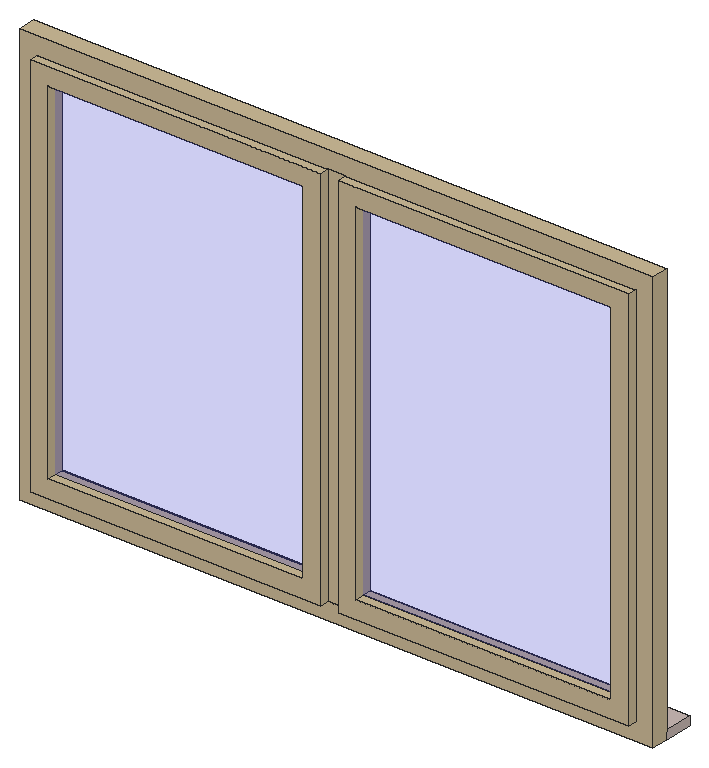
Revit family
Parameters (values of type "1800/1200")
  Operation = "DoublePanelVertical"
  Keynote = "L10/210"
  Height = 120 cm
  Default Sill Height = 80 cm
  Wall Closure = (empty or 0)
  Width = 180 cm
Types (4, lengths in cm): name | Width
  (no name) | 180
  1200/1200 | 120
  1500/1200 | 150
  1800/1200 | 180
Reference planes (cm)
  plane 1: y = 0.05
  plane 2 "Center": x = 0
  plane 3 "Left": x = -90
  plane 4 "Right": x = 90
  plane 5 "Sill": z = 80
  plane 6 "Head": z = 200
  plane 7: y = 2.55
  plane 8: y = -4.95
  plane 9: y = -2.45
  plane 10: z = 190
  plane 11: z = 195
  plane 12: z = 90
  plane 13: z = 85
  plane 14: x = -85
  plane 15: x = -80
  plane 16: x = 80
  plane 17: x = 85
  plane 18: z = 82.5
  plane 19: x = -2.5
  plane 20: x = 2.5
  plane 21: x = -7.5
  plane 22: x = 7.5
  plane 23: x = 43.75
  plane 24: x = -43.75
  plane 25: z = 140
  plane 26: z = 177.5
Forms (cm)
  Extrusion 1, solid, material "Default Frame"
    sketch origin (0, 0, 0) x (0, 0, -1) y (1, 0, 0)
      loop
        line (-200, -90) -> (-80, -90) -> (-80, 90) -> (-200, 90) -> (-200, -90)
      loop
        line (-195, -85) -> (-85, -85) -> (-85, 85) -> (-195, 85) -> (-195, -85)
    from -2.55 to 2.45
  Extrusion 2, solid, material "Default Sill", detail levels fine
    sketch origin (0, 0.0519, 0) x (0, 0, -1) y (1, 0, 0)
      loop
        line (-82.5, 90) -> (-82.5, -90) -> (-80, -90) -> (-80, 90) -> (-82.5, 90)
    from -10.4481 to -2.4981
  Extrusion 3, solid, material "Default Frame"
    sketch origin (0, 0, 0) x (0, 0, -1) y (1, 0, 0)
      loop
        line (-195, -85) -> (-85, -85) -> (-85, -2.5) -> (-195, -2.5) -> (-195, -85)
      loop
        line (-190, -80) -> (-90, -80) -> (-90, -7.5) -> (-190, -7.5) -> (-190, -80)
      loop
        line (-195, 2.5) -> (-85, 2.5) -> (-85, 85) -> (-195, 85) -> (-195, 2.5)
      loop
        line (-190, 7.5) -> (-90, 7.5) -> (-90, 80) -> (-190, 80) -> (-190, 7.5)
    from 0 to 4.95
  Extrusion 4, solid, material "Default Frame"
    sketch origin (0, 0, 0) x (0, 0, -1) y (1, 0, 0)
      loop
        line (-195, 2.5) -> (-195, -2.5) -> (-85, -2.5) -> (-85, 2.5) -> (-195, 2.5)
    from -2.55 to 2.45
  Extrusion 5, solid, material "Glass"
    sketch origin (0, 0, 0) x (0, 0, -1) y (1, 0, 0)
      loop
        line (-190, -80) -> (-90, -80) -> (-90, -7.5) -> (-190, -7.5) -> (-190, -80)
      loop
        line (-190, 7.5) -> (-90, 7.5) -> (-90, 80) -> (-190, 80) -> (-190, 7.5)
    from 2.45 to 2.55
Lines and regions (cm)
  Opening 1
    outline origin (350, -7.5, 0) x (1, 0, 0) y (0, 0, 1)
      loop
        line (-260, 80) -> (-260, 200) -> (-440, 200) -> (-440, 80) -> (-260, 80)
  symbolic lines, style "Elevation Swing"
    curve 1: line (80, 0, 90) -> (43.75, 0, 177.5)
    curve 2: line (43.75, 0, 177.5) -> (2.5, 0, 85)
    curve 3: line (-2.5, 0, 85) -> (-43.75, 0, 177.5)
    curve 4: line (-43.75, 0, 177.5) -> (-85, 0, 85)
    curve 5: line (43.75, 0, 177.5) -> (43.75, 0, 195)
    curve 6: line (-43.75, 0, 177.5) -> (-43.75, 0, 195)
Text (cm)
  text "EXTERIOR" at (-325.9869, 133.2353, 0), in view "Ref. Level"
  text "INTERIOR" at (-325.9869, -81.8386, 0), in view "Ref. Level"
  text "Exterior" at (0, 92.3751, 416.4757), in view "Right"
  text "Exterior" at (0, 211.3942, 406.8519), in view "Left"
Dimensions and locks (cm)
  equal spacing: plane 3 "Left", plane 2 "Center", plane 4 "Right"
  "Width": plane 3 "Left" to plane 4 "Right"
  "Height": plane 5 "Sill" to plane 6 "Head"
  "Default Sill Height": plane 5 "Sill" to level
  plane 8 to plane 9 to plane 1 to plane 7 = 2.5 cm locked, 2.5 cm locked, 2.5 cm locked
  plane 3 "Left" to plane 14 to plane 15 = 5 cm locked, 5 cm locked
  plane 16 to plane 17 to plane 4 "Right" = 5 cm locked, 5 cm locked
  plane 12 to plane 13 to plane 5 "Sill" = 5 cm locked, 5 cm locked
  plane 6 "Head" to plane 11 to plane 10 = 5 cm locked, 5 cm locked
  locked: plane 5 "Sill" to plane 18 at 2.5
  locked: Extrusion 2 to host wall at 3
  plane 19 to plane 2 "Center" to plane 20 = 2.5 cm locked, 2.5 cm locked
  locked: Extrusion 5 to plane 9 at 0.1
  equal spacing: plane 22, plane 23, plane 16
  equal spacing: plane 15, plane 24, plane 21
  equal spacing: plane 12, plane 25, plane 10
  locked: plane 26 to plane 10 at 12.5
  aligned and locked: Extrusion 1 to plane 7
  aligned and locked: Extrusion 1 to plane 9
  aligned and locked: Extrusion 2 to plane 7
  aligned and locked: Extrusion 3 to host wall
  aligned and locked: Extrusion 4 to plane 7
  aligned and locked: plane 9 to Extrusion 4
Automatic sketch dimensions
  Opening 1 sketch curve to plane 3 "Left" = 0 cm
  Opening 1 sketch curve to plane 4 "Right" = 0 cm
  Opening 1 sketch curve to plane 5 "Sill" = 0 cm
  Opening 1 sketch curve to plane 6 "Head" = 0 cm
  Extrusion 1 sketch curve to plane 4 "Right" = 0 cm
  Extrusion 1 sketch curve to plane 6 "Head" = 0 cm
  Extrusion 1 sketch curve to plane 11 = 0 cm
  Extrusion 1 sketch curve to plane 13 = 0 cm
  Extrusion 1 sketch curve to plane 5 "Sill" = 0 cm
  Extrusion 1 sketch curve to plane 3 "Left" = 0 cm
  Extrusion 1 sketch curve to plane 14 = 0 cm
  Extrusion 1 sketch curve to plane 17 = 0 cm
  Extrusion 2 sketch curve to plane 3 "Left" = 0 cm
  Extrusion 2 sketch curve to plane 18 = 0 cm
  Extrusion 2 sketch curve to plane 4 "Right" = 0 cm
  Extrusion 2 sketch curve to plane 5 "Sill" = 0 cm
  Extrusion 3 sketch curve to plane 11 = 0 cm  (x2)
  Extrusion 3 sketch curve to plane 10 = 0 cm  (x2)
  Extrusion 3 sketch curve to plane 12 = 0 cm  (x2)
  Extrusion 3 sketch curve to plane 13 = 0 cm  (x2)
  Extrusion 3 sketch curve to plane 14 = 0 cm
  Extrusion 3 sketch curve to plane 15 = 0 cm
  Extrusion 3 sketch curve to plane 21 = 0 cm
  Extrusion 3 sketch curve to plane 19 = 0 cm
  Extrusion 3 sketch curve to plane 20 = 0 cm
  Extrusion 3 sketch curve to plane 22 = 0 cm
  Extrusion 3 sketch curve to plane 16 = 0 cm
  Extrusion 3 sketch curve to plane 17 = 0 cm
  Extrusion 4 sketch curve to plane 11 = 0 cm
  Extrusion 4 sketch curve to plane 13 = 0 cm
  Extrusion 4 sketch curve to plane 19 = 0 cm
  Extrusion 4 sketch curve to plane 20 = 0 cm
  Extrusion 5 sketch curve to plane 10 = 0 cm  (x2)
  Extrusion 5 sketch curve to plane 12 = 0 cm  (x2)
  Extrusion 5 sketch curve to plane 15 = 0 cm
  Extrusion 5 sketch curve to plane 21 = 0 cm
  Extrusion 5 sketch curve to plane 22 = 0 cm
  Extrusion 5 sketch curve to plane 16 = 0 cm
  curve 6 to plane 11 = 0 cm
  curve 5 to plane 11 = 0 cm
  curve 2 to plane 23 = 0 cm
  curve 2 to plane 26 = 0 cm
  curve 4 to plane 24 = 0 cm
  curve 4 to plane 26 = 0 cm
  curve 1 to plane 12 = 0 cm
  curve 3 to plane 13 = 0 cm
  curve 2 to plane 13 = 0 cm
  curve 4 to plane 13 = 0 cm
  curve 4 to plane 14 = 0 cm
  curve 3 to plane 19 = 0 cm
  curve 2 to plane 20 = 0 cm
  curve 1 to plane 16 = 0 cm
